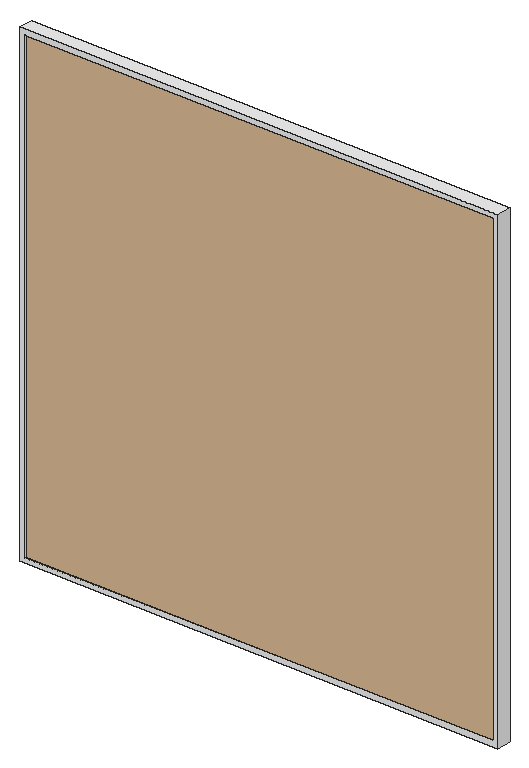
Revit family
Parameters (values of type "800 x 800mm NoticeBoard")
  Width = 800 mm
  Offset = 15 mm
  Mounting Height = 1000 mm
  Material Framing = Metal - Aluminium
  Material Board = Finishes - PinBoard
  Height = 800 mm
  Board Thickness = 20 mm
Reference planes
  plane 1: y = 0
  plane 2 "Center (Left/Right)": x = 133.3
  plane 3 "Back": y = 75
  plane 4: x = -266.7
  plane 5: x = 533.3
  plane 6: z = 1000
  plane 7: z = 1800
  plane 8: y = 90
Text (mm)
  text "Placement side" at (-1864.261, 916.262, 0), in view "Ref. Level"
  text "Placement side" at (0, 1605.175, 2923.955), in view "Left"
  text "Placement side" at (0, 595.982, 3004.978), in view "Right"
Dimensions and locks
  locked: plane 3 "Back" to host wall at 0
  equal spacing: plane 4, plane 2 "Center (Left/Right)", plane 5
  "Width": plane 4 to plane 5
  "Mounting Height": level to plane 6
  "Height": plane 6 to plane 7
  "Offset": plane 3 "Back" to plane 8
  aligned and locked: plane 1 to host wall
  aligned and locked: plane 2 "Center (Left/Right)" to nested 1
  aligned and locked: plane 8 to nested 1
  aligned and locked: plane 6 to nested 1
Nested families
  nested 1: "UK_Notice Board" at (127.788, 75, 2), type "UK_Notice Board"
Definition of nested family "UK_Notice Board"
  Parameters
    Width = 800 mm
    Offset = 10 mm
    Mounting Height = 1200 mm
    Material Framing = Metal - Aluminium
    Material Board = Finishes - PinBoard
    Height = 800 mm
    Board Thickness = 12 mm
  Reference planes
    plane 1 "Center (Front/Back)": y = 0
    plane 2: z = 0
    plane 3 "Center (Left/Right)": x = 5.512
    plane 4: x = -394.488
    plane 5: x = 405.512
    plane 6: y = 10
    plane 7: z = 1200
    plane 8: z = 2000
  Forms (mm)
    Extrusion 1, solid, material "Finishes - PinBoard" <- "Material Board"
      sketch origin (0, 10, 0) x (1, 0, 0) y (0, 0, 1)
        loop
          line (-394.488, 1200) -> (405.512, 1200) -> (405.512, 2000) -> (-394.488, 2000) -> (-394.488, 1200)
      from 0 to -12
    Sweep 2, solid, material "Metal - Aluminium" <- "Material Framing"
      path origin (0, 10, 0) x (1, 0, 0) y (0, 0, 1)
        loop
          line (-394.488, 1200) -> (405.512, 1200) -> (405.512, 2000) -> (-394.488, 2000) -> (-394.488, 1200)
      profile origin (5.512, 10, 1200) x (0, 0, 1) y (0, -1, 0)
        loop
          line (0, 0) -> (6, 0) -> (6, 2) -> (-2, 2) -> (-2, -14) -> (6, -14) -> (6, -12) -> (0, -12) -> (0, 0)
  Dimensions and locks
    equal spacing: plane 4, plane 3 "Center (Left/Right)", plane 5
    "Width": plane 4 to plane 5
    "Offset": plane 1 "Center (Front/Back)" to plane 6
    "Mounting Height": plane 7 to level
    "Height": plane 8 to plane 7
    "Board Thickness": plane 6 to Extrusion 1
    aligned and locked: Sweep 2 sketch curve to Extrusion 1
    aligned and locked: Extrusion 1 to Sweep 2 sketch curve
  Automatic sketch dimensions
    Extrusion 1 sketch curve to plane 4 = 0 mm
    Extrusion 1 sketch curve to plane 5 = 0 mm
    Extrusion 1 sketch curve to plane 7 = 0 mm
    Extrusion 1 sketch curve to plane 8 = 0 mm
    Sweep 2 sketch curve to plane 4 = 0 mm
    Sweep 2 sketch curve to plane 5 = 0 mm
    Sweep 2 sketch curve to plane 7 = 0 mm
    Sweep 2 sketch curve to plane 8 = 0 mm
    Sweep 2 sketch curve to profile plane = 0 mm
    profile plane to Sweep 2 sketch curve = 2 mm
    Sweep 2 sketch curve to profile plane = 6 mm  (x2)
    plane 6 to Sweep 2 sketch curve = 2 mm
    Sweep 2 sketch curve to Sweep 2 sketch curve = 2 mm
